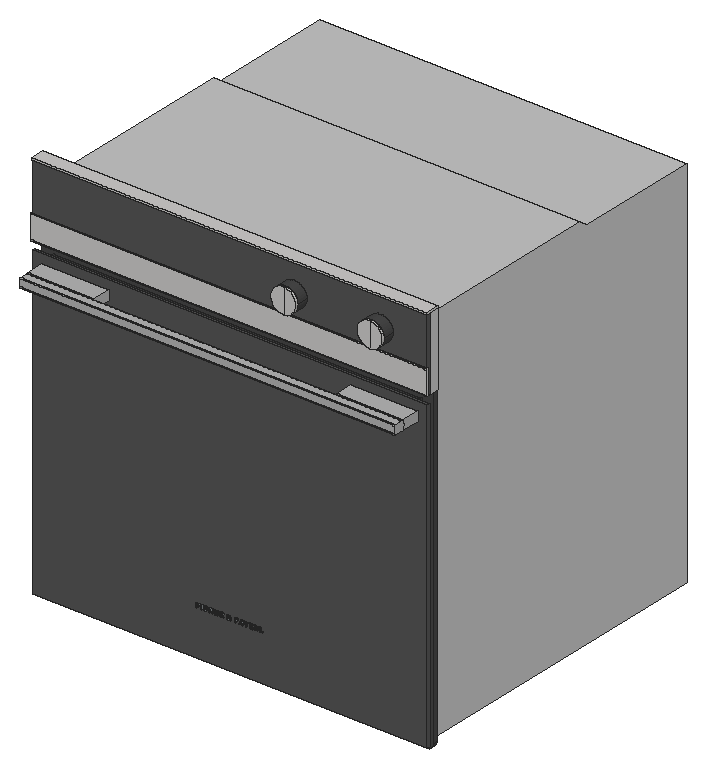
Revit family "FP-Revit18-OB60SC6CEX3-Oven-0-NZ-90002661A", category Specialty Equipment, Revit 2018
Family settings
  Round Connector Dimension = Use Diameter
  Part Type = Normal
  OmniClass Number = 23.40.40.14.17.11
  OmniClass Title = Cookers, Ovens, Stoves
  Work Plane-Based = No
  Always vertical = Yes
  Cut with Voids When Loaded = Yes
  Shared = No
  Room Calculation Point = No
Parameters (values of type "OB60SC6CEX3")
  Visibility - Clearance Required = yes
  URL = "www.fisherpaykel.com"
  Product - Width = 597 mm  # constant formula
  Product - Height = 598 mm  # constant formula
  Product - Depth = 565 mm  # constant formula
  Model = "OB60SC6CEX3"
  Material - Trim = Fisher & Paykel - Stainless Steel
  Material - Structure = Fisher & Paykel - Black
  Material - Logo = Fisher & Paykel - Graphics Grey
  Material - Handle = Fisher & Paykel - Aluminium
  Material - Glass = Fisher & Paykel - Glass, Black
  Material - Buttons and Dials = Fisher & Paykel - Stainless Steel
  Material - Body = Fisher & Paykel - Grey
  Manufacturer = "Fisher & Paykel Appliances"
  FFL Offset [instance] = 200 mm
  Description = "60cm Built-In Oven"
  Connector Note - Electrical = "220-240 V, 12.3-13.3 A, 50 Hz"
  Chassis - Width = 552 mm  # constant formula
  Chassis - Height = 575 mm  # constant formula
  Chassis - Depth = 545 mm  # constant formula
  Cavity - Width = 560 mm  # constant formula
  Cavity - Height = 580 mm  # constant formula
  Cavity - Depth = 550 mm  # constant formula
Reference planes
  plane 1 "Datum": y = 0
  plane 2: z = 0
  plane 3 "Center (Left/Right)": x = 0
  plane 4 "Cavity": z = 780
  plane 5 "Product Height": z = 798
  plane 6 "Product LHS": x = -298.5
  plane 7 "Product RHS": x = 298.5
  plane 8 "Cavity LHS": x = -300
  plane 9 "Cavity RHS": x = 300
  plane 10 "Cavity - Depth": y = 550
  plane 11 "Product Depth": y = 545
  plane 12 "Front Face": y = -20
  plane 13 "FFL Offset": z = 200
  plane 14 "Cavity Height": z = 800
Forms (mm)
  Extrusion 1, solid, material "Fisher & Paykel - Grey" <- "Material - Body"
    sketch origin (0, 0, 0) x (0, 1, 0) y (0, 0, 1)
      loop
        line (0, 200) -> (525, 200) -> (525, 393.99) -> (545, 413.99) -> (545, 609.73) -> (495, 659.73) -> (495, 764.6) -> (307.721, 764.6) -> (293.958, 775) -> (0, 775) -> (0, 200)
    from -276 to 276
  Extrusion 2, void
    sketch origin (0, 0, 0) x (1, 0, 0) y (0, 1, 0)
      loop
        line (-278.5, 495) -> (-229.63, 495) -> (-179.63, 545) -> (-278.5, 545) -> (-278.5, 495)
      loop
        line (278.5, 495) -> (278.5, 545) -> (94.617, 545) -> (114.617, 525) -> (199.13, 525) -> (229.13, 495) -> (278.5, 495)
    from 200 to 764.6
  Extrusion 3, solid, material "Fisher & Paykel - Stainless Steel" <- "Material - Trim"
    sketch origin (0, 0, 0) x (0, 1, 0) y (0, 0, 1)
      loop
        line (0, 798) -> (-20.5, 798) -> (-20.5, 795.1) -> (0, 795.1) -> (0, 798)
    from -297.35 to 297.35
  Extrusion 4, solid, material "Fisher & Paykel - Grey" <- "Material - Body"
    sketch origin (0, 0, 0) x (0, 1, 0) y (0, 0, 1)
      loop
        line (-16, 795.1) -> (-16, 685.199) -> (0, 685.199) -> (0, 795.1) -> (-16, 795.1)
    from -297.35 to 297.35
  Extrusion 5, solid, material "Fisher & Paykel - Glass, Black" <- "Material - Glass"
    sketch origin (0, 0, 0) x (1, 0, 0) y (0, 0, 1)
      loop
        line (-297.25, 673.199) -> (-297.25, 210.2) -> (297.25, 210.2) -> (297.25, 673.199) -> (-297.25, 673.199)
      loop
        line (-297.35, 686.052) -> (297.35, 686.052) -> (297.35, 794.5) -> (-297.35, 794.5) -> (-297.35, 686.052)
    from 16 to 20
  Extrusion 6, solid, material "Fisher & Paykel - Black" <- "Material - Structure"
    sketch origin (0, 0, 0) x (0, 1, 0) y (0, 0, 1)
      loop
        line (-13.8, 671.699) -> (-16, 671.699) -> (-16, 212.7) -> (-5, 212.7) -> (-5, 668.496) -> (-13.8, 671.699)
    from -277 to 277
  Extrusion 7, solid, material "Fisher & Paykel - Black" <- "Material - Structure"
    sketch origin (0, 0, 0) x (1, 0, 0) y (0, 0, 1)
      loop
        line (-295.5, 685.199) -> (-295.5, 209.536)
        arc (-295.5, 209.536) -> (-292.707, 202.793) -> (-285.964, 200) r 9.536
        line (-285.964, 200) -> (286, 200)
        arc (286, 200) -> (292.718, 202.782) -> (295.5, 209.5) r 9.5
        line (295.5, 209.5) -> (295.5, 685.199) -> (-295.5, 685.199)
    from 0 to 5
  Extrusion 8, solid, material "Fisher & Paykel - Clearance Required", visible <- "Visibility - Clearance Required", detail levels coarse
    sketch origin (0, 0, 0) x (0, 1, 0) y (0, 0, 1)
      loop
        line (0, 800) -> (-20, 800) -> (-20, 673.254)
        arc (-20, 673.254) -> (-320.822, 551.394) -> (-469.99, 263.137) r 467.908
        line (-469.99, 263.137) -> (-462.266, 262.194) -> (-467.348, 220.567) -> (-449.569, 218.396) -> (-444.479, 260.086) -> (-20, 208.26) -> (-20, 200) -> (0, 200) -> (0, 800)
    from -300 to 300
  Extrusion 9, solid, material "Fisher & Paykel - Clearance Required", visible <- "Visibility - Clearance Required", detail levels coarse
    sketch origin (0, 0, 0) x (1, 0, 0) y (0, 1, 0)
      loop
        line (-280, 0) -> (280, 0) -> (280, 550) -> (-280, 550) -> (-280, 0)
    from 200 to 780
  Extrusion 10, void
    sketch origin (0, 0, 0) x (1, 0, 0) y (0, 1, 0)
      loop
        line (-300, -20) -> (300, -20) -> (300, 0) -> (-300, 0) -> (-300, -20)
    from 200 to 800
  Extrusion 11, solid, material "Fisher & Paykel - Stainless Steel" <- "Material - Trim", detail levels fine
    sketch origin (0, 0, 0) x (0, 1, 0) y (0, 0, 1)
      loop
        line (-22.25, 722.193) -> (-22.25, 687.281)
        arc (-22.25, 687.281) -> (-21.89, 686.412) -> (-21.021, 686.052) r 1.229
        line (-21.021, 686.052) -> (-20, 686.052) -> (-20, 723.356) -> (-21.087, 723.356)
        arc (-21.087, 723.356) -> (-21.909, 723.015) -> (-22.25, 722.193) r 1.163
    from -298.5 to 298.5
  Extrusion 12, void
    sketch origin (0, 0, 0) x (1, 0, 0) y (0, 1, 0)
      loop
        line (-280, 550) -> (-280, 0) -> (280, 0) -> (280, 550) -> (-280, 550)
    from 200 to 780
  Extrusion 13, solid, material "Fisher & Paykel - Black"
    sketch origin (0, 0, 0) x (1, 0, 0) y (0, 0, 1)
      loop
        circle (226.999, 752.449) r 18.791
      loop
        circle (97, 752.449) r 18.791
    from 20 to 37.3
  Revolve 14, solid, material "Fisher & Paykel - Stainless Steel" <- "Material - Buttons and Dials", detail levels fine
    sketch origin (97, 0, 0) x (0, 1, 0) y (0, 0, 1)
      loop
        line (-40.3, 752.449) -> (-37.3, 752.449) -> (-37.3, 771.24) -> (-40.3, 771.24) -> (-40.3, 752.449)
      axis (-37.3, 752.449) -> (-40.3, 752.449)
    angle from 0 to 360
  Revolve 15, solid, material "Fisher & Paykel - Stainless Steel" <- "Material - Buttons and Dials", detail levels fine
    sketch origin (226.999, 0, 0) x (0, 1, 0) y (0, 0, 1)
      loop
        line (-40.3, 752.449) -> (-37.3, 752.449) -> (-37.3, 771.24) -> (-40.3, 771.24) -> (-40.3, 752.449)
      axis (-37.3, 752.449) -> (-40.3, 752.449)
    angle from 0 to 360
  Extrusion 16, solid, material "Fisher & Paykel - Aluminium" <- "Material - Handle", detail levels fine
    sketch origin (0, -21, 652.521) x (0, 1, 0) y (0, 0, 1)
      loop
        arc (-26.813, 6.16) -> (-27.196, 6.554) -> (-27.728, 6.686) r 1
        line (-27.728, 6.686) -> (-40.035, 6.256)
        arc (-40.035, 6.256) -> (-40.719, 5.951) -> (-41, 5.257) r 1
        line (-41, 5.257) -> (-41, -5.257)
        arc (-41, -5.257) -> (-40.719, -5.951) -> (-40.035, -6.256) r 1
        line (-40.035, -6.256) -> (-27.709, -6.686)
        arc (-27.709, -6.686) -> (-27.175, -6.554) -> (-26.792, -6.158) r 1
        arc (-26.792, -6.158) -> (-25.256, 0.004) -> (-26.813, 6.16) r 13.038
    from -282.5 to 282.5
  Extrusion 17, solid, material "Fisher & Paykel - Aluminium" <- "Material - Handle", detail levels fine
    sketch origin (0, -21, 652.521) x (0, 1, 0) y (0, 0, 1)
      loop
        arc (-26.626, -6.008) -> (-26.614, -6.49) -> (-26.2, -6.737) r 0.5
        line (-26.2, -6.737) -> (1, -7.732) -> (1, 7.741) -> (-26.174, 6.747)
        arc (-26.174, 6.747) -> (-26.587, 6.5) -> (-26.6, 6.019) r 0.5
        arc (-26.6, 6.019) -> (-25.156, 0.002) -> (-26.626, -6.008) r 13.136
    from 182.5 to 282.5
  Extrusion 18, solid, material "Fisher & Paykel - Aluminium" <- "Material - Handle", detail levels coarse+medium
    sketch origin (0, -21, 652.521) x (1, 0, 0) y (0, 1, 0)
      loop
        line (-282.5, -41) -> (282.5, -41) -> (282.5, 1) -> (182.5, 1) -> (182.5, -26.156) -> (-182.5, -26.156) -> (-182.5, 1) -> (-282.5, 1) -> (-282.5, -41)
    from -8.022 to 7.978
  Extrusion 19, solid, material "Fisher & Paykel - Aluminium" <- "Material - Handle", detail levels fine
    sketch origin (0, -21, 652.521) x (0, 1, 0) y (0, 0, 1)
      loop
        arc (-26.626, -6.008) -> (-26.614, -6.49) -> (-26.2, -6.737) r 0.5
        line (-26.2, -6.737) -> (1, -7.732) -> (1, 7.741) -> (-26.174, 6.747)
        arc (-26.174, 6.747) -> (-26.587, 6.5) -> (-26.6, 6.019) r 0.5
        arc (-26.6, 6.019) -> (-25.156, 0.002) -> (-26.626, -6.008) r 13.136
    from -282.5 to -182.5
  Extrusion 20, solid, material "Fisher & Paykel - Aluminium" <- "Material - Handle", not visible, detail levels fine
    sketch origin (0, -22, 652) x (0, 1, 0) y (0, 0, 1)
      loop
        arc (-26.813, 6.16) -> (-27.196, 6.554) -> (-27.728, 6.686) r 1
        line (-27.728, 6.686) -> (-40.035, 6.256)
        arc (-40.035, 6.256) -> (-40.719, 5.951) -> (-41, 5.257) r 1
        line (-41, 5.257) -> (-41, -5.257)
        arc (-41, -5.257) -> (-40.719, -5.951) -> (-40.035, -6.256) r 1
        line (-40.035, -6.256) -> (-27.709, -6.686)
        arc (-27.709, -6.686) -> (-27.175, -6.554) -> (-26.792, -6.158) r 1
        arc (-26.792, -6.158) -> (-25.256, 0.004) -> (-26.813, 6.16) r 13.038
    from -282.5 to 282.5
  Extrusion 21, solid, material "Fisher & Paykel - Aluminium" <- "Material - Handle", not visible, detail levels fine
    sketch origin (0, -22, 652) x (0, 1, 0) y (0, 0, 1)
      loop
        arc (-26.626, -6.008) -> (-26.614, -6.49) -> (-26.2, -6.737) r 0.5
        line (-26.2, -6.737) -> (1, -7.732) -> (1, 7.741) -> (-26.174, 6.747)
        arc (-26.174, 6.747) -> (-26.587, 6.5) -> (-26.6, 6.019) r 0.5
        arc (-26.6, 6.019) -> (-25.156, 0.002) -> (-26.626, -6.008) r 13.136
    from 182.5 to 282.5
  Extrusion 22, solid, material "Fisher & Paykel - Aluminium" <- "Material - Handle", not visible, detail levels coarse+medium
    sketch origin (0, -22, 652) x (1, 0, 0) y (0, 1, 0)
      loop
        line (-282.5, -41) -> (282.5, -41) -> (282.5, 1) -> (182.5, 1) -> (182.5, -26.156) -> (-182.5, -26.156) -> (-182.5, 1) -> (-282.5, 1) -> (-282.5, -41)
    from -8.022 to 7.978
  Extrusion 23, solid, material "Fisher & Paykel - Aluminium" <- "Material - Handle", not visible, detail levels fine
    sketch origin (0, -22, 652) x (0, 1, 0) y (0, 0, 1)
      loop
        arc (-26.626, -6.008) -> (-26.614, -6.49) -> (-26.2, -6.737) r 0.5
        line (-26.2, -6.737) -> (1, -7.732) -> (1, 7.741) -> (-26.174, 6.747)
        arc (-26.174, 6.747) -> (-26.587, 6.5) -> (-26.6, 6.019) r 0.5
        arc (-26.6, 6.019) -> (-25.156, 0.002) -> (-26.626, -6.008) r 13.136
    from -282.5 to -182.5
  Extrusion 24, solid, material "Fisher & Paykel - Graphics Grey" <- "Material - Logo", detail levels fine
    sketch origin (0, -20, 278.956) x (1, 0, 0) y (0, 0, 1)
      loop
        line (-50.044, 0) -> (-48.47, 0) -> (-48.47, 2.138) -> (-46.011, 2.138) -> (-46.011, 3.472) -> (-48.47, 3.472) -> (-48.47, 4.712) -> (-45.795, 4.712) -> (-45.795, 6.04) -> (-50.044, 6.04) -> (-50.044, 0)
      loop
        line (-42.804, 6.04) -> (-42.804, 0) -> (-41.23, 0) -> (-41.23, 6.04) -> (-42.804, 6.04)
      loop
        line (-30.724, 6.04) -> (-30.724, 0) -> (-29.151, 0) -> (-29.151, 2.42) -> (-26.839, 2.42) -> (-26.839, 0) -> (-25.265, 0) -> (-25.265, 6.04) -> (-26.839, 6.04) -> (-26.839, 3.748) -> (-29.151, 3.748) -> (-29.151, 6.04) -> (-30.724, 6.04)
      loop
        line (-21.906, 6.04) -> (-21.906, 0) -> (-17.602, 0) -> (-17.602, 1.328) -> (-20.347, 1.328) -> (-20.347, 2.42) -> (-17.838, 2.42) -> (-17.838, 3.748) -> (-20.347, 3.748) -> (-20.347, 4.712) -> (-17.602, 4.712) -> (-17.602, 6.04) -> (-21.906, 6.04)
      loop
        line (45.667, 6.04) -> (45.667, 0) -> (49.956, 0) -> (49.956, 1.328) -> (47.241, 1.328) -> (47.241, 6.04) -> (45.667, 6.04)
      loop
        line (42.431, 6.04) -> (38.112, 6.04) -> (38.112, 0) -> (42.431, 0) -> (42.431, 1.328) -> (39.687, 1.328) -> (39.687, 2.42) -> (42.195, 2.42) -> (42.195, 3.748) -> (39.687, 3.748) -> (39.687, 4.712) -> (42.431, 4.712) -> (42.431, 6.04)
      loop
        line (33.451, 3.148) -> (35.683, 6.04) -> (33.844, 6.04) -> (31.915, 3.542) -> (31.915, 6.04) -> (30.342, 6.04) -> (30.342, 0) -> (31.915, 0) -> (31.915, 2.705) -> (33.903, 0) -> (35.763, 0) -> (33.451, 3.148)
      loop
        line (21.98, 6.04) -> (24.262, 2.42) -> (24.262, 0) -> (25.837, 0) -> (25.837, 2.341) -> (28.119, 6.04) -> (26.446, 6.04) -> (25.099, 3.707) -> (23.753, 6.04) -> (21.98, 6.04)
      loop
        line (18.479, 6.04) -> (16.983, 6.04) -> (14.524, 0) -> (16.069, 0) -> (16.501, 1.112) -> (18.921, 1.112) -> (19.354, 0) -> (20.938, 0) -> (18.479, 6.04)
      loop
        line (18.4, 2.439) -> (17.693, 4.174) -> (17.018, 2.439) -> (18.4, 2.439)
      loop
        line (8.031, 6.04) -> (8.031, 0) -> (9.605, 0) -> (9.605, 1.938) -> (10.599, 1.938)
        arc (10.599, 1.938) -> (12.65, 3.989) -> (10.599, 6.04) r 2.051
        line (10.599, 6.04) -> (8.031, 6.04)
      loop
        line (9.605, 4.712) -> (9.605, 3.197) -> (10.501, 3.197)
        arc (10.501, 3.197) -> (11.259, 3.954) -> (10.501, 4.712) r 0.757
        line (10.501, 4.712) -> (9.605, 4.712)
      loop
        line (-11.783, 6.04) -> (-14.366, 6.04) -> (-14.366, 0) -> (-12.792, 0) -> (-12.792, 1.336) -> (-11.992, 1.336) -> (-10.972, 0) -> (-9.153, 0) -> (-10.694, 1.973)
        arc (-10.694, 1.973) -> (-9.678, 4.424) -> (-11.783, 6.04) r 2.179
      loop
        line (-11.897, 4.712) -> (-12.792, 4.712) -> (-12.792, 3.053) -> (-11.897, 3.053)
        arc (-11.897, 3.053) -> (-11.068, 3.882) -> (-11.897, 4.712) r 0.83
      loop
        line (0.477, 4.712) -> (0.477, 6.153) -> (-3.575, 6.153) -> (-3.575, 4.851) -> (-2.974, 4.112)
        arc (-2.974, 4.112) -> (-3.51, 0.684) -> (-0.045, 0.512) r 2.334
        line (-0.045, 0.512) -> (0.46, -0.109) -> (2.246, -0.109) -> (0.86, 1.594) -> (2.061, 3.324) -> (0.443, 3.324) -> (-0.013, 2.667) -> (-1.677, 4.712) -> (0.477, 4.712)
      loop
        arc (-2.125, 3.068) -> (-2.269, 1.668) -> (-0.868, 1.524) r 0.996
        line (-0.868, 1.524) -> (-2.125, 3.068)
      loop
        line (-35.18, 3.634) -> (-36.516, 3.91)
        arc (-36.516, 3.91) -> (-37.049, 4.443) -> (-36.516, 4.976) r 0.533
        arc (-36.516, 4.976) -> (-35.235, 4.79) -> (-34.059, 4.248) r 4.505
        line (-34.059, 4.248) -> (-34.059, 5.743)
        arc (-34.059, 5.743) -> (-35.549, 6.179) -> (-37.1, 6.109) r 4.726
        arc (-37.1, 6.109) -> (-38.536, 4.335) -> (-37.1, 2.561) r 1.814
        line (-37.1, 2.561) -> (-35.754, 2.282)
        arc (-35.754, 2.282) -> (-35.221, 1.749) -> (-35.754, 1.216) r 0.533
        arc (-35.754, 1.216) -> (-37.035, 1.402) -> (-38.211, 1.945) r 4.505
        line (-38.211, 1.945) -> (-38.211, 0.449)
        arc (-38.211, 0.449) -> (-36.72, 0.013) -> (-35.169, 0.083) r 4.726
        arc (-35.169, 0.083) -> (-33.734, 1.863) -> (-35.18, 3.634) r 1.814
    from 0 to 0.8
  Extrusion 25, solid, material "Fisher & Paykel - Grey" <- "Material - Body"
    sketch origin (154.861, 0, 0) x (0, 1, 0) y (0, 0, 1)
      loop
        circle (504.5, 703) r 4
    from -410 to -372.861
  Extrusion 26, solid, material "Fisher & Paykel - Grey" <- "Material - Body"
    sketch origin (154.861, 0, 0) x (0, 1, 0) y (0, 0, 1)
      loop
        line (495, 683) -> (514, 683) -> (514, 736) -> (495, 736) -> (495, 683)
    from -372.861 to -289.861
Cuts and joins
  Extrusion 2 cuts Extrusion 1
Lines and regions (mm)
  model lines, style "Fisher & Paykel"
    curve 1: line (217.5, -20, 334) -> (-217.5, -20, 334)
    curve 2: line (217.5, -20, 617.236) -> (217.5, -20, 334)
    curve 3: line (-217.5, -20, 617.236) -> (217.5, -20, 617.236)
    curve 4: line (-217.5, -20, 334) -> (-217.5, -20, 617.236)
Text (mm)
  text "Due to ongoing product development, product details are subject to change without notice. \nPlease always refer to www.fisherpaykel.com for the most current product information. \n© Fisher & Paykel 2020" at (40.64, -604.808, 0), in view "Ref. Level (Plan)"
Dimensions and locks
  equal spacing: plane 6 "Product LHS", plane 3 "Center (Left/Right)", plane 7 "Product RHS"
  "Product - Width": plane 6 "Product LHS" to plane 7 "Product RHS"
  equal spacing: plane 8 "Cavity LHS", plane 3 "Center (Left/Right)", plane 9 "Cavity RHS"
  "Cavity - Depth": plane 10 "Cavity - Depth" to plane 1 "Datum"
  "Chassis - Depth": plane 11 "Product Depth" to plane 1 "Datum"
  plane 12 "Front Face" to plane 1 "Datum" = 20 mm
  "Product - Depth": plane 11 "Product Depth" to plane 12 "Front Face"
  "FFL Offset": plane 13 "FFL Offset" to level
  "Product - Height": plane 5 "Product Height" to plane 13 "FFL Offset"
  "Cavity - Height": plane 4 "Cavity" to plane 13 "FFL Offset"
  Extrusion 5 to plane 13 "FFL Offset" = 10.2 mm
  Extrusion 6 to plane 13 "FFL Offset" = 12.7 mm
  locked: plane 5 "Product Height" to cut or joined group of Extrusion 1, Extrusion 2 at 33.4
  locked: Extrusion 8 sketch curve to plane 13 "FFL Offset" at 473.254
  locked: Extrusion 8 sketch curve to Extrusion 8 sketch curve at 42
  locked: Extrusion 8 sketch curve to Extrusion 8 sketch curve at 427.631
  locked: plane 14 "Cavity Height" to plane 13 "FFL Offset" at 600
  locked: Extrusion 18 to plane 13 "FFL Offset" at 460.499
  locked: Extrusion 24 to plane 13 "FFL Offset" at 78.847
  equal spacing: Extrusion 9, plane 3 "Center (Left/Right)", Extrusion 9
  "Cavity - Width": Extrusion 9 to Extrusion 9
  equal spacing: cut or joined group of Extrusion 1, Extrusion 2, plane 3 "Center (Left/Right)", cut or joined group of Extrusion 1, Extrusion 2
  "Chassis - Width": cut or joined group of Extrusion 1, Extrusion 2 to cut or joined group of Extrusion 1, Extrusion 2
  aligned and locked: level to plane 2
  aligned and locked: plane 8 "Cavity LHS" to Extrusion 8
  aligned and locked: Extrusion 8 to plane 9 "Cavity RHS"
  aligned and locked: Extrusion 1 sketch curve to plane 13 "FFL Offset"
  aligned and locked: Extrusion 1 to Extrusion 2
  aligned and locked: Extrusion 2 to Extrusion 1
  aligned and locked: plane 13 "FFL Offset" to Extrusion 8 sketch curve
  aligned and locked: plane 13 "FFL Offset" to Extrusion 7 sketch curve
  aligned and locked: Extrusion 12 to cut or joined group of Extrusion 1, Extrusion 2
  aligned and locked: plane 4 "Cavity" to Extrusion 12
  aligned and locked: plane 4 "Cavity" to Extrusion 9
  aligned and locked: Extrusion 9 to cut or joined group of Extrusion 1, Extrusion 2
  aligned and locked: Extrusion 10 to cut or joined group of Extrusion 1, Extrusion 2
  aligned and locked: Extrusion 10 to Extrusion 7
  aligned and locked: Extrusion 10 to Extrusion 8
  aligned and locked: plane 14 "Cavity Height" to Extrusion 10
  aligned and locked: Extrusion 12 to Extrusion 9  (x2)
Automatic sketch dimensions
  Extrusion 1 sketch curve to plane 1 "Datum" = 0 mm
  Extrusion 1 sketch curve to plane 11 "Product Depth" = 0 mm
  Extrusion 1 sketch curve to plane 4 "Cavity" = 5 mm
  Extrusion 1 sketch curve to plane 11 "Product Depth" = 251.042 mm
  Extrusion 1 sketch curve to Extrusion 1 sketch curve = 13.762 mm
  Extrusion 1 sketch curve to plane 4 "Cavity" = 15.4 mm
  Extrusion 1 sketch curve to plane 11 "Product Depth" = 50 mm
  Extrusion 1 sketch curve to plane 11 "Product Depth" = 20 mm
  Extrusion 1 sketch curve to Extrusion 1 sketch curve = 193.99 mm
  Extrusion 1 sketch curve to Extrusion 1 sketch curve = 20 mm
  Extrusion 1 sketch curve to Extrusion 1 sketch curve = 154.87 mm
  Extrusion 1 sketch curve to Extrusion 1 sketch curve = 50 mm
  Extrusion 2 sketch curve to plane 11 "Product Depth" = 0 mm  (x2)
  Extrusion 2 sketch curve to plane 6 "Product LHS" = 20 mm
  Extrusion 2 sketch curve to Extrusion 2 sketch curve = 48.87 mm
  Extrusion 2 sketch curve to Extrusion 2 sketch curve = 50 mm  (x3)
  plane 3 "Center (Left/Right)" to Extrusion 2 sketch curve = 94.617 mm
  Extrusion 2 sketch curve to Extrusion 2 sketch curve = 20 mm
  Extrusion 2 sketch curve to plane 11 "Product Depth" = 20 mm
  Extrusion 2 sketch curve to Extrusion 2 sketch curve = 84.513 mm
  Extrusion 2 sketch curve to Extrusion 2 sketch curve = 30 mm
  plane 7 "Product RHS" to Extrusion 2 sketch curve = 20 mm
  Extrusion 3 sketch curve to plane 1 "Datum" = 0 mm
  Extrusion 3 sketch curve to plane 12 "Front Face" = 0.5 mm
  Extrusion 3 sketch curve to plane 5 "Product Height" = 2.9 mm
  plane 5 "Product Height" to Extrusion 3 sketch curve = 0 mm
  Extrusion 4 sketch curve to plane 1 "Datum" = 0 mm
  plane 12 "Front Face" to Extrusion 4 sketch curve = 4 mm
  Extrusion 4 sketch curve to plane 4 "Cavity" = 94.801 mm
  Extrusion 4 sketch curve to plane 5 "Product Height" = 2.9 mm
  Extrusion 5 sketch curve to plane 6 "Product LHS" = 1.25 mm
  Extrusion 5 sketch curve to plane 6 "Product LHS" = 1.15 mm
  plane 7 "Product RHS" to Extrusion 5 sketch curve = 1.15 mm
  plane 7 "Product RHS" to Extrusion 5 sketch curve = 1.25 mm
  plane 13 "FFL Offset" to Extrusion 5 sketch curve = 10.2 mm
  Extrusion 5 sketch curve to plane 4 "Cavity" = 106.801 mm
  Extrusion 5 sketch curve to Extrusion 5 sketch curve = 12.853 mm
  Extrusion 5 sketch curve to plane 5 "Product Height" = 3.5 mm
  plane 12 "Front Face" to Extrusion 6 sketch curve = 4 mm
  Extrusion 6 sketch curve to Extrusion 6 sketch curve = 2.2 mm
  plane 1 "Datum" to Extrusion 6 sketch curve = 5 mm
  plane 13 "FFL Offset" to Extrusion 6 sketch curve = 12.7 mm
  Extrusion 6 sketch curve to plane 4 "Cavity" = 111.504 mm
  Extrusion 6 sketch curve to Extrusion 6 sketch curve = 3.203 mm
  Extrusion 7 sketch curve to plane 6 "Product LHS" = 3 mm
  Extrusion 7 sketch curve to Extrusion 7 sketch curve = 9.536 mm
  plane 7 "Product RHS" to Extrusion 7 sketch curve = 12.5 mm
  plane 7 "Product RHS" to Extrusion 7 sketch curve = 3 mm
  Extrusion 7 sketch curve to plane 4 "Cavity" = 94.801 mm
  Extrusion 9 sketch curve to plane 10 "Cavity - Depth" = 0 mm
  plane 1 "Datum" to Extrusion 9 sketch curve = 0 mm
  Extrusion 9 sketch curve to plane 6 "Product LHS" = 18.5 mm
  plane 7 "Product RHS" to Extrusion 9 sketch curve = 18.5 mm
  plane 1 "Datum" to Extrusion 10 sketch curve = 0 mm
  Extrusion 10 sketch curve to plane 8 "Cavity LHS" = 0 mm
  Extrusion 10 sketch curve to plane 9 "Cavity RHS" = 0 mm
  Extrusion 10 sketch curve to plane 12 "Front Face" = 0 mm
  Extrusion 11 sketch curve to plane 12 "Front Face" = 0 mm
  Extrusion 11 sketch curve to Extrusion 11 sketch curve = 1.021 mm
  Extrusion 11 sketch curve to plane 12 "Front Face" = 1.087 mm
  Extrusion 11 sketch curve to Extrusion 11 sketch curve = 1.229 mm
  Extrusion 11 sketch curve to plane 4 "Cavity" = 93.948 mm
  Extrusion 11 sketch curve to Extrusion 11 sketch curve = 34.912 mm
  plane 1 "Datum" to Extrusion 12 sketch curve = 0 mm
  Extrusion 12 sketch curve to plane 10 "Cavity - Depth" = 0 mm
  Extrusion 12 sketch curve to plane 6 "Product LHS" = 18.5 mm
  plane 7 "Product RHS" to Extrusion 12 sketch curve = 18.5 mm
  Revolve 14 sketch curve to plane 12 "Front Face" = 20.3 mm
  Revolve 14 sketch curve to Revolve 14 sketch curve = 3 mm
  Revolve 14 sketch curve to plane 4 "Cavity" = 27.551 mm
  Revolve 14 sketch curve to plane 4 "Cavity" = 8.76 mm
  Revolve 14 sketch curve to Revolve 14 sketch curve = 6.8 mm
  Revolve 14 sketch curve to Revolve 14 sketch curve = 3.2 mm
  Revolve 14 sketch curve to Revolve 14 sketch curve = 0 mm
  Revolve 15 sketch curve to plane 12 "Front Face" = 20.3 mm
  Revolve 15 sketch curve to Revolve 15 sketch curve = 3 mm
  Revolve 15 sketch curve to plane 4 "Cavity" = 27.551 mm
  Revolve 15 sketch curve to plane 4 "Cavity" = 8.76 mm
  Revolve 15 sketch curve to Revolve 15 sketch curve = 6.8 mm
  Revolve 15 sketch curve to Revolve 15 sketch curve = 3.2 mm
  Revolve 15 sketch curve to Revolve 15 sketch curve = 0 mm
  Extrusion 16 sketch curve to Extrusion 16 sketch curve = 0.965 mm  (x2)
  Extrusion 16 sketch curve to Extrusion 16 sketch curve = 0.035 mm  (x4)
  Extrusion 16 sketch curve to Extrusion 16 sketch curve = 1.706 mm
  Extrusion 16 sketch curve to Extrusion 16 sketch curve = 12.307 mm
  Extrusion 16 sketch curve to Extrusion 16 sketch curve = 12.326 mm
  Extrusion 16 sketch curve to Extrusion 16 sketch curve = 0.999 mm  (x2)
  Extrusion 16 sketch curve to Extrusion 16 sketch curve = 5.238 mm
  Extrusion 16 sketch curve to Extrusion 16 sketch curve = 0 mm
  Extrusion 17 sketch curve to Extrusion 17 sketch curve = 12.091 mm
  Extrusion 17 sketch curve to Extrusion 17 sketch curve = 0.018 mm  (x2)
  Extrusion 17 sketch curve to Extrusion 17 sketch curve = 0.008 mm
  Extrusion 17 sketch curve to Extrusion 17 sketch curve = 27.174 mm
  Extrusion 17 sketch curve to Extrusion 17 sketch curve = 15.473 mm
  Extrusion 17 sketch curve to Extrusion 17 sketch curve = 0.5 mm  (x2)
  Extrusion 17 sketch curve to Extrusion 17 sketch curve = 0 mm
  Extrusion 18 sketch curve to Extrusion 18 sketch curve = 14.844 mm
  Extrusion 18 sketch curve to Extrusion 18 sketch curve = 27.156 mm  (x2)
  Extrusion 19 sketch curve to Extrusion 19 sketch curve = 12.091 mm
  Extrusion 19 sketch curve to Extrusion 19 sketch curve = 0.018 mm  (x2)
  Extrusion 19 sketch curve to Extrusion 19 sketch curve = 0.008 mm
  Extrusion 19 sketch curve to Extrusion 19 sketch curve = 27.174 mm
  Extrusion 19 sketch curve to Extrusion 19 sketch curve = 15.473 mm
  Extrusion 19 sketch curve to Extrusion 19 sketch curve = 0.5 mm  (x2)
  Extrusion 19 sketch curve to Extrusion 19 sketch curve = 0 mm
  Extrusion 16 sketch curve to Extrusion 16 sketch curve = 0.43 mm
  Extrusion 16 sketch curve to Extrusion 16 sketch curve = 5.275 mm
  Extrusion 16 sketch curve to Extrusion 16 sketch curve = 11.374 mm
  Extrusion 17 sketch curve to Extrusion 17 sketch curve = 0.995 mm
  Extrusion 17 sketch curve to Extrusion 17 sketch curve = 6.268 mm
  Extrusion 17 sketch curve to Extrusion 17 sketch curve = 12.255 mm
  Extrusion 18 sketch curve to Extrusion 18 sketch curve = 100 mm  (x2)
  Extrusion 18 sketch curve to Extrusion 18 sketch curve = 365 mm
  Extrusion 19 sketch curve to Extrusion 19 sketch curve = 0.995 mm
  Extrusion 19 sketch curve to Extrusion 19 sketch curve = 6.268 mm
  Extrusion 19 sketch curve to Extrusion 19 sketch curve = 12.255 mm
  Extrusion 20 sketch curve to Extrusion 20 sketch curve = 0.965 mm  (x2)
  Extrusion 20 sketch curve to Extrusion 20 sketch curve = 0.035 mm  (x4)
  Extrusion 20 sketch curve to Extrusion 20 sketch curve = 1.706 mm
  Extrusion 20 sketch curve to Extrusion 20 sketch curve = 12.307 mm
  Extrusion 20 sketch curve to Extrusion 20 sketch curve = 12.326 mm
  Extrusion 20 sketch curve to Extrusion 20 sketch curve = 0.999 mm  (x2)
  Extrusion 20 sketch curve to Extrusion 20 sketch curve = 5.238 mm
  Extrusion 20 sketch curve to Extrusion 20 sketch curve = 0 mm
  Extrusion 21 sketch curve to Extrusion 21 sketch curve = 12.091 mm
  Extrusion 21 sketch curve to Extrusion 21 sketch curve = 0.018 mm  (x2)
  Extrusion 21 sketch curve to Extrusion 21 sketch curve = 0.008 mm
  Extrusion 21 sketch curve to Extrusion 21 sketch curve = 27.174 mm
  Extrusion 21 sketch curve to Extrusion 21 sketch curve = 15.473 mm
  Extrusion 21 sketch curve to Extrusion 21 sketch curve = 0.5 mm  (x2)
  Extrusion 21 sketch curve to Extrusion 21 sketch curve = 0 mm
  Extrusion 22 sketch curve to Extrusion 22 sketch curve = 14.844 mm
  Extrusion 22 sketch curve to Extrusion 22 sketch curve = 27.156 mm  (x2)
  Extrusion 23 sketch curve to Extrusion 23 sketch curve = 12.091 mm
  Extrusion 23 sketch curve to Extrusion 23 sketch curve = 0.018 mm  (x2)
  Extrusion 23 sketch curve to Extrusion 23 sketch curve = 0.008 mm
  Extrusion 23 sketch curve to Extrusion 23 sketch curve = 27.174 mm
  Extrusion 23 sketch curve to Extrusion 23 sketch curve = 15.473 mm
  Extrusion 23 sketch curve to Extrusion 23 sketch curve = 0.5 mm  (x2)
  Extrusion 23 sketch curve to Extrusion 23 sketch curve = 0 mm
  Extrusion 20 sketch curve to Extrusion 20 sketch curve = 0.43 mm
  Extrusion 20 sketch curve to Extrusion 20 sketch curve = 5.275 mm
  Extrusion 20 sketch curve to Extrusion 20 sketch curve = 11.374 mm
  Extrusion 21 sketch curve to Extrusion 21 sketch curve = 0.995 mm
  Extrusion 21 sketch curve to Extrusion 21 sketch curve = 6.268 mm
  Extrusion 21 sketch curve to Extrusion 21 sketch curve = 12.255 mm
  Extrusion 22 sketch curve to Extrusion 22 sketch curve = 100 mm  (x2)
  Extrusion 22 sketch curve to Extrusion 22 sketch curve = 365 mm
  Extrusion 23 sketch curve to Extrusion 23 sketch curve = 0.995 mm
  Extrusion 23 sketch curve to Extrusion 23 sketch curve = 6.268 mm
  Extrusion 23 sketch curve to Extrusion 23 sketch curve = 12.255 mm
  Extrusion 24 sketch curve to plane 6 "Product LHS" = 248.456 mm
  Extrusion 24 sketch curve to Extrusion 24 sketch curve = 1.574 mm  (x12)
  Extrusion 24 sketch curve to Extrusion 24 sketch curve = 2.459 mm
  Extrusion 24 sketch curve to Extrusion 24 sketch curve = 0.216 mm
  Extrusion 24 sketch curve to Extrusion 24 sketch curve = 3.207 mm
  Extrusion 24 sketch curve to Extrusion 24 sketch curve = 3.02 mm
  plane 13 "FFL Offset" to Extrusion 24 sketch curve = 81.516 mm
  Extrusion 24 sketch curve to Extrusion 24 sketch curve = 1.11 mm
  Extrusion 24 sketch curve to Extrusion 24 sketch curve = 0.379 mm
  Extrusion 24 sketch curve to Extrusion 24 sketch curve = 0.206 mm  (x2)
  Extrusion 24 sketch curve to Extrusion 24 sketch curve = 0.36 mm  (x2)
  Extrusion 24 sketch curve to Extrusion 24 sketch curve = 0.402 mm
  plane 13 "FFL Offset" to Extrusion 24 sketch curve = 81.238 mm
  Extrusion 24 sketch curve to Extrusion 24 sketch curve = 0 mm  (x19)
  plane 13 "FFL Offset" to Extrusion 24 sketch curve = 82.59 mm
  Extrusion 24 sketch curve to Extrusion 24 sketch curve = 1.335 mm  (x2)
  Extrusion 24 sketch curve to Extrusion 24 sketch curve = 1.121 mm
  Extrusion 24 sketch curve to Extrusion 24 sketch curve = 3.335 mm
  Extrusion 24 sketch curve to Extrusion 24 sketch curve = 2.312 mm  (x2)
  Extrusion 24 sketch curve to Extrusion 24 sketch curve = 3.359 mm
  Extrusion 24 sketch curve to Extrusion 24 sketch curve = 1.559 mm
  Extrusion 24 sketch curve to Extrusion 24 sketch curve = 2.508 mm  (x2)
  Extrusion 24 sketch curve to Extrusion 24 sketch curve = 0.236 mm  (x4)
  Extrusion 24 sketch curve to Extrusion 24 sketch curve = 3.236 mm  (x2)
  Extrusion 24 sketch curve to Extrusion 24 sketch curve = 0.8 mm
  Extrusion 24 sketch curve to Extrusion 24 sketch curve = 0.895 mm
  Extrusion 24 sketch curve to Extrusion 24 sketch curve = 0.114 mm
  Extrusion 24 sketch curve to Extrusion 24 sketch curve = 1.02 mm
  plane 13 "FFL Offset" to Extrusion 24 sketch curve = 80.929 mm
  Extrusion 24 sketch curve to Extrusion 24 sketch curve = 1.298 mm
  Extrusion 24 sketch curve to Extrusion 24 sketch curve = 1.82 mm
  Extrusion 24 sketch curve to Extrusion 24 sketch curve = 8.207 mm
  plane 13 "FFL Offset" to Extrusion 24 sketch curve = 83.067 mm
  Extrusion 24 sketch curve to Extrusion 24 sketch curve = 0.602 mm
  plane 13 "FFL Offset" to Extrusion 24 sketch curve = 82.024 mm
  Extrusion 24 sketch curve to Extrusion 24 sketch curve = 0.849 mm
  Extrusion 24 sketch curve to Extrusion 24 sketch curve = 0.425 mm
  Extrusion 24 sketch curve to Extrusion 24 sketch curve = 1.297 mm
  Extrusion 24 sketch curve to Extrusion 24 sketch curve = 0.203 mm
  plane 13 "FFL Offset" to Extrusion 24 sketch curve = 80.48 mm
  Extrusion 24 sketch curve to Extrusion 24 sketch curve = 0.628 mm
  plane 13 "FFL Offset" to Extrusion 24 sketch curve = 79.467 mm
  Extrusion 24 sketch curve to Extrusion 24 sketch curve = 0.824 mm
  plane 13 "FFL Offset" to Extrusion 24 sketch curve = 81.623 mm
  Extrusion 24 sketch curve to Extrusion 24 sketch curve = 0.855 mm
  plane 13 "FFL Offset" to Extrusion 24 sketch curve = 82.28 mm
  Extrusion 24 sketch curve to Extrusion 24 sketch curve = 0.456 mm
  Extrusion 24 sketch curve to Extrusion 24 sketch curve = 0.505 mm
  Extrusion 24 sketch curve to Extrusion 24 sketch curve = 0.034 mm  (x2)
  plane 13 "FFL Offset" to Extrusion 24 sketch curve = 80.55 mm
  Extrusion 24 sketch curve to Extrusion 24 sketch curve = 0.873 mm
  Extrusion 24 sketch curve to Extrusion 24 sketch curve = 1.618 mm
  plane 13 "FFL Offset" to Extrusion 24 sketch curve = 78.847 mm
  Extrusion 24 sketch curve to Extrusion 24 sketch curve = 1.785 mm
  Extrusion 24 sketch curve to Extrusion 24 sketch curve = 5.971 mm
  Extrusion 24 sketch curve to Extrusion 24 sketch curve = 0.896 mm
  Extrusion 24 sketch curve to Extrusion 24 sketch curve = 0.994 mm
  Extrusion 24 sketch curve to Extrusion 24 sketch curve = 3.925 mm
  Extrusion 24 sketch curve to Extrusion 24 sketch curve = 1.545 mm
  Extrusion 24 sketch curve to Extrusion 24 sketch curve = 0.433 mm  (x2)
  Extrusion 24 sketch curve to Extrusion 24 sketch curve = 0.482 mm
  Extrusion 24 sketch curve to Extrusion 24 sketch curve = 0.517 mm
  plane 13 "FFL Offset" to Extrusion 24 sketch curve = 83.13 mm
  Extrusion 24 sketch curve to Extrusion 24 sketch curve = 0.675 mm
  Extrusion 24 sketch curve to Extrusion 24 sketch curve = 1.381 mm
  plane 13 "FFL Offset" to Extrusion 24 sketch curve = 84.996 mm
  Extrusion 24 sketch curve to Extrusion 24 sketch curve = 1.495 mm
  Extrusion 24 sketch curve to Extrusion 24 sketch curve = 0.522 mm
  Extrusion 24 sketch curve to Extrusion 24 sketch curve = 1.584 mm
  Extrusion 24 sketch curve to Extrusion 24 sketch curve = 3.502 mm
  Extrusion 24 sketch curve to Extrusion 24 sketch curve = 1.772 mm
  Extrusion 24 sketch curve to Extrusion 24 sketch curve = 0.51 mm
  Extrusion 24 sketch curve to Extrusion 24 sketch curve = 0.837 mm
  Extrusion 24 sketch curve to Extrusion 24 sketch curve = 0.737 mm
  Extrusion 24 sketch curve to Extrusion 24 sketch curve = 2.694 mm
  Extrusion 24 sketch curve to Extrusion 24 sketch curve = 1.673 mm
  Extrusion 24 sketch curve to Extrusion 24 sketch curve = 2.223 mm
  Extrusion 24 sketch curve to Extrusion 24 sketch curve = 1.535 mm
  Extrusion 24 sketch curve to Extrusion 24 sketch curve = 1.928 mm
  Extrusion 24 sketch curve to Extrusion 24 sketch curve = 1.987 mm
  Extrusion 24 sketch curve to Extrusion 24 sketch curve = 1.839 mm
  Extrusion 24 sketch curve to Extrusion 24 sketch curve = 1.86 mm
  Extrusion 24 sketch curve to Extrusion 24 sketch curve = 2.429 mm
  Extrusion 24 sketch curve to Extrusion 24 sketch curve = 2.715 mm
  Extrusion 24 sketch curve to Extrusion 24 sketch curve = 2.561 mm
  Extrusion 24 sketch curve to Extrusion 24 sketch curve = 1.973 mm
  Extrusion 24 sketch curve to Extrusion 24 sketch curve = 0.109 mm  (x3)
  Extrusion 24 sketch curve to Extrusion 24 sketch curve = 4.174 mm
  Extrusion 24 sketch curve to Extrusion 24 sketch curve = 2.282 mm
  Extrusion 24 sketch curve to Extrusion 24 sketch curve = 2.111 mm
  Extrusion 24 sketch curve to Extrusion 24 sketch curve = 0.023 mm
  Extrusion 24 sketch curve to Extrusion 24 sketch curve = 1.112 mm
  Extrusion 24 sketch curve to Extrusion 24 sketch curve = 1.328 mm  (x10)
  Extrusion 24 sketch curve to Extrusion 24 sketch curve = 0.637 mm
  Extrusion 24 sketch curve to Extrusion 24 sketch curve = 0.795 mm
  Extrusion 24 sketch curve to Extrusion 24 sketch curve = 0.262 mm  (x2)
  Extrusion 24 sketch curve to Extrusion 24 sketch curve = 1.938 mm
  Extrusion 24 sketch curve to Extrusion 24 sketch curve = 0.616 mm
  Extrusion 24 sketch curve to Extrusion 24 sketch curve = 2.138 mm
  Extrusion 24 sketch curve to Extrusion 24 sketch curve = 2.341 mm
  Extrusion 24 sketch curve to Extrusion 24 sketch curve = 1.092 mm  (x2)
  Extrusion 24 sketch curve to Extrusion 24 sketch curve = 2.42 mm
  Extrusion 24 sketch curve to Extrusion 24 sketch curve = 0.079 mm
  Extrusion 24 sketch curve to Extrusion 24 sketch curve = 2.705 mm
  Extrusion 24 sketch curve to Extrusion 24 sketch curve = 1.716 mm
  Extrusion 24 sketch curve to Extrusion 24 sketch curve = 0.442 mm
  Extrusion 24 sketch curve to Extrusion 24 sketch curve = 1.259 mm
  Extrusion 24 sketch curve to Extrusion 24 sketch curve = 0.836 mm
  Extrusion 24 sketch curve to Extrusion 24 sketch curve = 1.287 mm
  Extrusion 24 sketch curve to Extrusion 24 sketch curve = 0.808 mm
  Extrusion 24 sketch curve to Extrusion 24 sketch curve = 0.022 mm
  Extrusion 24 sketch curve to Extrusion 24 sketch curve = 0.276 mm
  Extrusion 24 sketch curve to Extrusion 24 sketch curve = 0.757 mm
  Extrusion 24 sketch curve to Extrusion 24 sketch curve = 0.614 mm
  Extrusion 24 sketch curve to Extrusion 24 sketch curve = 0.424 mm
  Extrusion 24 sketch curve to Extrusion 24 sketch curve = 0.6 mm
  Extrusion 24 sketch curve to Extrusion 24 sketch curve = 0.964 mm  (x2)
  Extrusion 24 sketch curve to Extrusion 24 sketch curve = 1.24 mm
  Extrusion 24 sketch curve to Extrusion 24 sketch curve = 0.739 mm
  Extrusion 24 sketch curve to Extrusion 24 sketch curve = 0.744 mm
  Extrusion 24 sketch curve to Extrusion 24 sketch curve = 1.496 mm
  Extrusion 24 sketch curve to Extrusion 24 sketch curve = 2.292 mm  (x2)
  Extrusion 24 sketch curve to Extrusion 24 sketch curve = 2.892 mm
  Extrusion 24 sketch curve to Extrusion 24 sketch curve = 2.498 mm
  Extrusion 24 sketch curve to Extrusion 24 sketch curve = 1.302 mm
  Extrusion 13 sketch curve to plane 4 "Cavity" = 27.551 mm  (x2)
  plane 3 "Center (Left/Right)" to Extrusion 13 sketch curve = 97 mm
  plane 7 "Product RHS" to Extrusion 13 sketch curve = 71.501 mm
  Extrusion 25 sketch curve to plane 11 "Product Depth" = 40.5 mm
  Extrusion 25 sketch curve to plane 4 "Cavity" = 77 mm
  Extrusion 26 sketch curve to plane 11 "Product Depth" = 50 mm
  Extrusion 26 sketch curve to Extrusion 26 sketch curve = 19 mm
  Extrusion 26 sketch curve to plane 4 "Cavity" = 97 mm
  Extrusion 26 sketch curve to plane 4 "Cavity" = 44 mm
  plane 13 "FFL Offset" to curve 1 = 134 mm
  plane 7 "Product RHS" to curve 3 = 81 mm
  curve 3 to plane 4 "Cavity" = 162.764 mm
  curve 4 to plane 6 "Product LHS" = 81 mm
  Extrusion 8 sketch curve to plane 12 "Front Face" = 0 mm  (x2)
  Extrusion 8 sketch curve to plane 1 "Datum" = 0 mm
  Extrusion 8 sketch curve to plane 14 "Cavity Height" = 0 mm
  plane 13 "FFL Offset" to Extrusion 8 sketch curve = 60.086 mm
  Extrusion 8 sketch curve to Extrusion 8 sketch curve = 424.479 mm
  plane 13 "FFL Offset" to Extrusion 8 sketch curve = 62.194 mm
  Extrusion 8 sketch curve to Extrusion 8 sketch curve = 17.787 mm
  plane 13 "FFL Offset" to Extrusion 8 sketch curve = 63.137 mm
  plane 13 "FFL Offset" to Extrusion 8 sketch curve = 5.566 mm
  radius of Extrusion 13 sketch curve = 18.791 mm  (x2)
  radius of Extrusion 25 sketch curve = 4 mm
Connectors
  electrical at (-255.139, 504.5, 703), driven by "Connector Note - Electrical"
    settings: on Extrusion 25, index 1, voltage 230 V, apparent load 0 VA, apparent load phase1 0 VA, apparent load phase2 0 VA, apparent load phase3 0 VA, power factor 1, load classification "Other", number of poles 1, system type 30, power factor state 1, is connector primary yes, connector utility no, sub classification motor no, connector description "220-240 V, 12.3-13.3 A, 50 Hz"
